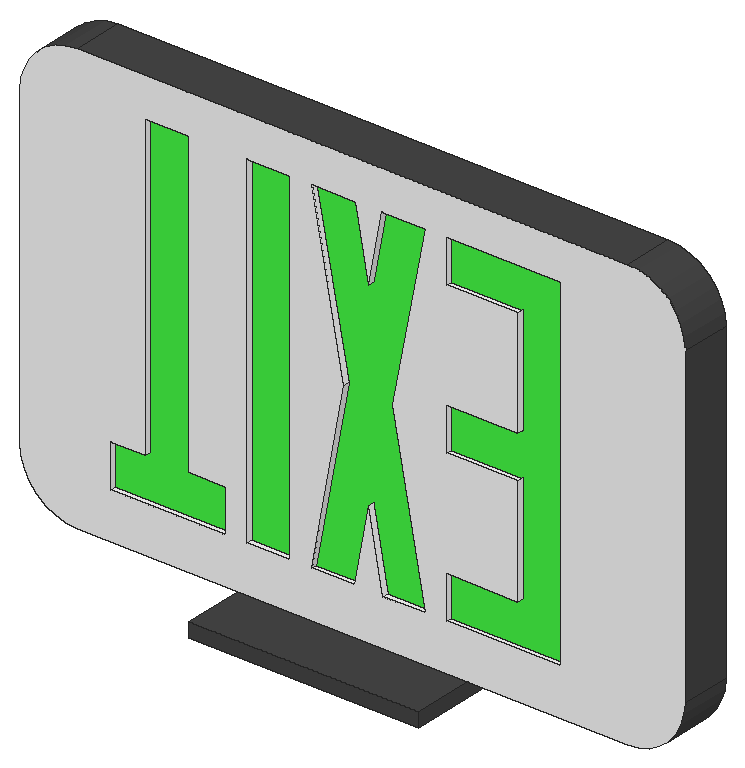
Revit family "CCE", category Lighting Fixtures, host Face, Revit 2012
Parameters (values of type "CCEDG")
  zz Length 1 = if(Double Face, 0.438", 0.250")  # 0.438"
  Wattage Comments = "1 W"  # constant formula
  Wattage = 9.2903 W
  built-in parameter 1150110 = 1 (stored number, unit not read)
  Voltage = if([120 Voltage], 120 V, 277 V)  # 120 V
  URL = "http://www.compasslightingproducts.com/"
  built-in parameter 1114217 = 1 (stored number, unit not read)
  Tilt Angle = 90.00°
  built-in parameter 1150109 = 1 (stored number, unit not read)
  built-in parameter 1150134 = 3
  built-in parameter 1150113 = 1 (stored number, unit not read)
  Single Face = no
  Product Page URL = "http://www.compasslightingproducts.com/products/cce/"
  Product Documentation Link = "http://www.compasslightingproducts.com/content/products/specs/specs_files/comp0004_spec_sht_cce.pdf"
  Photometric Web File = "generic"
  built-in parameter 1150142 = (empty or 0)
  Model = "CCEDG"
  Manufacturer Phone = "864-678-1000"  # constant formula
  Manufacturer Fax = "866-898-0131"  # constant formula
  Manufacturer = "Compass Lighting"  # constant formula
  built-in parameter 1150105 = 109.82 (stored number, unit not read)
  Lumens = 1380 lm
  built-in parameter 1150115 = 1 (stored number, unit not read)
  Load Classification = Lighting
  built-in parameter 1150137 = (empty or 0)
  built-in parameter 1150139 = (empty or 0)
  Lens = Hubbell - Green LED
  built-in parameter 1150112 = 1 (stored number, unit not read)
  built-in parameter 1150114 = 1 (stored number, unit not read)
  Lamp = "LED Lamp"  # constant formula
  built-in parameter 1150132 = (empty or 0)
  built-in parameter 1150102 = (empty or 0)
  built-in parameter 1150107 = 3200 (stored number, unit not read)
  built-in parameter 1150138 = (empty or 0)
  built-in parameter 1150106 = 1.0982 (stored number, unit not read)
  Housing Material = Hubbell - Black
  Finish = Hubbell - White
  Emit from Rectangle Width = 5.000"
  Emit from Rectangle Length = 5.000"
  Emit Shape Visible in Rendering = no
  built-in parameter 1150104 = 13.8 (stored number, unit not read)
  Double Face = not(Single Face)  # yes
  Dimming Lamp Color Temperature Shift = <None>
  Description = "Brushed Face, Black Housing, Double-Face, Green, AC"
  Default Elevation = 48.000"
  Color Filter = 16777215
  built-in parameter 1114218 = 1 (stored number, unit not read)
  built-in parameter 1150133 = 10 (stored number, unit not read)
  Assembly Code = "D5020200"
  Apparent Load = 1 VA  # constant formula
  277 Voltage = not([120 Voltage])  # no
  120 Voltage = yes
Types (8): name | zz Length 1 | Tilt Angle | Single Face | Model | Lens | Emit from Rectangle Width | Emit from Rectangle Length | Double Face | Description
  CCESRE | 0.250" | 60.00° | yes | "CCESRE" | Hubbell - Red LED | 24.000" | 48.000" | no | "Brushed Face, Black Housing, Single-Face, Red, Emergency"
  CCEDRE | 0.438" | 60.00° | no | "CCEDRE" | Hubbell - Red LED | 7.750" | 11.000" | yes | "Brushed Face, Black Housing, Double-Face, Red, Emergency"
  CCESGE | 0.250" | 60.00° | yes | "CCESGE" | Hubbell - Green LED | 24.000" | 48.000" | no | "Brushed Face, Black Housing, Single-Face, Green, Emergency"
  CCEDGE | 0.438" | 60.00° | no | "CCEDGE" | Hubbell - Green LED | 24.000" | 48.000" | yes | "Brushed Face, Black Housing, Double-Face, Green, Emergency"
  CCESR | 0.250" | 0.00° | yes | "CCESR" | Hubbell - Red LED | 7.000" | 10.000" | no | "Brushed Face, Black Housing, Single-Face, Red, AC"
  CCEDR | 0.438" | 60.00° | no | "CCEDR" | Hubbell - Red LED | 24.000" | 48.000" | yes | "Brushed Face, Black Housing, Double-Face, Red, AC"
  CCESG | 0.250" | 60.00° | yes | "CCESG" | Hubbell - Green LED | 24.000" | 48.000" | no | "Brushed Face, Black Housing, Single-Face, Green, AC"
  CCEDG | 0.438" | 90.00° | no | "CCEDG" | Hubbell - Green LED | 5.000" | 5.000" | yes | "Brushed Face, Black Housing, Double-Face, Green, AC"
Reference planes (in)
  plane 1 "Center (Front/Back)": y = 0
  plane 2: z = 0
  plane 3 "Center (Left/Right)": x = 0
  plane 4: x = -5.8
  plane 5: x = 5.8
  plane 6: y = 0.4375
  plane 7: y = -0.4375
  plane 8: z = 7.75
  plane 9: y = -1.5
  plane 10: y = 1.5625
  plane 11: x = -2
  plane 12: x = 2
  plane 13: z = 0.25
  plane 14: z = 7.06563
  plane 15: z = 1.06563
  plane 16: x = 3.63578
  plane 17: x = 1.63578
  plane 18: x = 1.27953
  plane 19: x = -0.72047
  plane 20: x = -2.22047
  plane 21: x = -4.22047
  plane 22: z = 7.06563
  plane 23: z = 1.06563
  plane 24: x = 3.63578
  plane 25: x = 1.63578
  plane 26: x = 1.27953
  plane 27: x = -0.72047
  plane 28: x = -2.22047
  plane 29: x = -4.22047
  plane 30: z = 7.06563
  plane 31: z = 1.06563
  plane 32: x = -3.63578
  plane 33: x = -1.63578
  plane 34: x = -1.27953
  plane 35: x = 0.72047
  plane 36: x = 2.22047
  plane 37: x = 4.22047
  plane 38: z = 7.06563
  plane 39: z = 1.06563
  plane 40: x = -3.63578
  plane 41: x = -1.63578
  plane 42: x = -1.27953
  plane 43: x = 0.72047
  plane 44: x = 2.22047
  plane 45: x = 4.22047
  plane 46: y = -0.3375
  plane 47: y = 0.3375
  plane 48: y = 0.0875
  plane 49: y = -0.0875
  plane 50: y = 0.438
Forms (in)
  Sweep 1, solid, material "Hubbell - White" <- "Finish"
    path origin (0, 0, 0) x (1, 0, 0) y (0, 1, 0)
      loop
        line (0, -0.4375) -> (0, 0.4375)
    profile origin (0, 0, 0) x (-1, 0, 0) y (0, 0, 1)
      loop
        arc (-4.8, 7.75) -> (-5.50711, 7.45711) -> (-5.8, 6.75) r 1
        line (-5.8, 6.75) -> (-5.8, 1.25)
        arc (-5.8, 1.25) -> (-5.50711, 0.54289) -> (-4.8, 0.25) r 1
        line (-4.8, 0.25) -> (4.8, 0.25)
        arc (4.8, 0.25) -> (5.50711, 0.54289) -> (5.8, 1.25) r 1
        line (5.8, 1.25) -> (5.8, 6.75)
        arc (5.8, 6.75) -> (5.50711, 7.45711) -> (4.8, 7.75) r 1
        line (4.8, 7.75) -> (-4.8, 7.75)
  Extrusion 2, solid, material "Hubbell - Black" <- "Housing Material"
    sketch origin (0, 0, 0) x (1, 0, 0) y (0, 0, 1)
      loop
        line (-2, 0.25) -> (-2, 0) -> (2, 0) -> (2, 0.25) -> (-2, 0.25)
    from -1.5625 to 1.5
  Extrusion 3, void
    sketch origin (-0.25, 0, 0) x (-1, 0, 0) y (0, 0, -1)
      loop
        line (-1.88578, -6.31563) -> (-3.13578, -6.31563) -> (-3.13578, -4.44063) -> (-1.88578, -4.44063) -> (-1.88578, -3.69063) -> (-3.13578, -3.69063) -> (-3.13578, -1.81563) -> (-1.88578, -1.81563) -> (-1.88578, -1.06563) -> (-3.88578, -1.06563) -> (-3.88578, -7.06563) -> (-1.88578, -7.06563) -> (-1.88578, -6.31563)
      loop
        line (0.47047, -7.06563) -> (-0.10196, -4.12075) -> (0.47047, -1.06563) -> (-0.27953, -1.06563) -> (-0.52953, -2.39991) -> (-0.77953, -1.06563) -> (-1.52953, -1.06563) -> (-0.9571, -4.12075) -> (-1.52953, -7.06563) -> (-0.75888, -7.06563) -> (-0.52953, -5.84158) -> (-0.30019, -7.06563) -> (0.47047, -7.06563)
      loop
        line (1.58918, -7.06563) -> (1.58918, -1.06563) -> (0.83918, -1.06563) -> (0.83918, -7.06563) -> (1.58918, -7.06563)
      loop
        line (3.36347, -7.06563) -> (3.36347, -1.81563) -> (3.97047, -1.81563) -> (3.97047, -1.06563) -> (1.97047, -1.06563) -> (1.97047, -1.81563) -> (2.61347, -1.81563) -> (2.61347, -7.06563) -> (3.36347, -7.06563)
    from 0.0875 to 0.4375
  Extrusion 4, solid, material "Hubbell - Green LED" <- "Lens"
    sketch origin (0, 0, 0) x (1, 0, 0) y (0, 0, 1)
      loop
        line (1.63578, 6.31563) -> (2.88578, 6.31563) -> (2.88578, 4.44063) -> (1.63578, 4.44063) -> (1.63578, 3.69063) -> (2.88578, 3.69063) -> (2.88578, 1.81563) -> (1.63578, 1.81563) -> (1.63578, 1.06563) -> (3.63578, 1.06563) -> (3.63578, 7.06563) -> (1.63578, 7.06563) -> (1.63578, 6.31563)
      loop
        line (-0.72047, 7.06563) -> (-0.14804, 4.12075) -> (-0.72047, 1.06563) -> (0.02953, 1.06563) -> (0.27953, 2.39991) -> (0.52953, 1.06563) -> (1.27953, 1.06563) -> (0.7071, 4.12075) -> (1.27953, 7.06563) -> (0.50888, 7.06563) -> (0.27953, 5.84158) -> (0.05019, 7.06563) -> (-0.72047, 7.06563)
      loop
        line (-1.83918, 7.06563) -> (-1.83918, 1.06563) -> (-1.08918, 1.06563) -> (-1.08918, 7.06563) -> (-1.83918, 7.06563)
      loop
        line (-3.61347, 7.06563) -> (-3.61347, 1.81563) -> (-4.22047, 1.81563) -> (-4.22047, 1.06563) -> (-2.22047, 1.06563) -> (-2.22047, 1.81563) -> (-2.86347, 1.81563) -> (-2.86347, 7.06563) -> (-3.61347, 7.06563)
    from 0.0875 to 0.3375
  Extrusion 5, solid, material "Hubbell - Green LED" <- "Lens", visible <- "Double Face"
    sketch origin (0, 0, 0) x (-1, 0, 0) y (0, 0, 1)
      loop
        line (1.63578, 6.31563) -> (2.88578, 6.31563) -> (2.88578, 4.44063) -> (1.63578, 4.44063) -> (1.63578, 3.69063) -> (2.88578, 3.69063) -> (2.88578, 1.81563) -> (1.63578, 1.81563) -> (1.63578, 1.06563) -> (3.63578, 1.06563) -> (3.63578, 7.06563) -> (1.63578, 7.06563) -> (1.63578, 6.31563)
      loop
        line (-0.72047, 7.06563) -> (-0.14804, 4.12075) -> (-0.72047, 1.06563) -> (0.02953, 1.06563) -> (0.27953, 2.39991) -> (0.52953, 1.06563) -> (1.27953, 1.06563) -> (0.7071, 4.12075) -> (1.27953, 7.06563) -> (0.50888, 7.06563) -> (0.27953, 5.84158) -> (0.05019, 7.06563) -> (-0.72047, 7.06563)
      loop
        line (-1.83918, 7.06563) -> (-1.83918, 1.06563) -> (-1.08918, 1.06563) -> (-1.08918, 7.06563) -> (-1.83918, 7.06563)
      loop
        line (-3.61347, 7.06563) -> (-3.61347, 1.81563) -> (-4.22047, 1.81563) -> (-4.22047, 1.06563) -> (-2.22047, 1.06563) -> (-2.22047, 1.81563) -> (-2.86347, 1.81563) -> (-2.86347, 7.06563) -> (-3.61347, 7.06563)
    from 0.0875 to 0.3375
  Extrusion 6, void
    sketch origin (0.25, 0, 0) x (1, 0, 0) y (0, 0, -1)
      loop
        line (-1.88578, -6.31563) -> (-3.13578, -6.31563) -> (-3.13578, -4.44063) -> (-1.88578, -4.44063) -> (-1.88578, -3.69063) -> (-3.13578, -3.69063) -> (-3.13578, -1.81563) -> (-1.88578, -1.81563) -> (-1.88578, -1.06563) -> (-3.88578, -1.06563) -> (-3.88578, -7.06563) -> (-1.88578, -7.06563) -> (-1.88578, -6.31563)
      loop
        line (0.47047, -7.06563) -> (-0.10196, -4.12075) -> (0.47047, -1.06563) -> (-0.27953, -1.06563) -> (-0.52953, -2.39991) -> (-0.77953, -1.06563) -> (-1.52953, -1.06563) -> (-0.9571, -4.12075) -> (-1.52953, -7.06563) -> (-0.75888, -7.06563) -> (-0.52953, -5.84158) -> (-0.30019, -7.06563) -> (0.47047, -7.06563)
      loop
        line (1.58918, -7.06563) -> (1.58918, -1.06563) -> (0.83918, -1.06563) -> (0.83918, -7.06563) -> (1.58918, -7.06563)
      loop
        line (3.36347, -7.06563) -> (3.36347, -1.81563) -> (3.97047, -1.81563) -> (3.97047, -1.06563) -> (1.97047, -1.06563) -> (1.97047, -1.81563) -> (2.61347, -1.81563) -> (2.61347, -7.06563) -> (3.36347, -7.06563)
    from 0.0875 to 0.438
Cuts and joins
  Extrusion 3, Extrusion 6 cuts Sweep 1
Dimensions and locks (in)
  equal spacing: plane 5, plane 3 "Center (Left/Right)", plane 4
  locked: plane 3 "Center (Left/Right)" to plane 4 at 5.8
  equal spacing: plane 6, plane 1 "Center (Front/Back)", plane 7
  plane 6 to plane 7 = 0.875"
  plane 8 to level = 7.750"
  equal spacing: plane 4, plane 3 "Center (Left/Right)", plane 5
  plane 4 to plane 3 "Center (Left/Right)" = 5.800"
  plane 9 to plane 1 "Center (Front/Back)" = 1.500"
  equal spacing: plane 11, plane 3 "Center (Left/Right)", plane 12
  plane 11 to plane 3 "Center (Left/Right)" = 2.000"
  locked: plane 13 to level at 0.25
  "zz Length 1": plane 50 to plane 1 "Center (Front/Back)"
  aligned and locked: plane 2 to host face
  aligned and locked: level to host face
  aligned and locked: plane 3 "Center (Left/Right)" to Sweep 1 sketch curve
  aligned and locked: Sweep 1 sketch curve to plane 8
  aligned and locked: Sweep 1 sketch curve to plane 5
  aligned and locked: plane 4 to Sweep 1 sketch curve
  aligned and locked: Extrusion 2 to plane 10
  aligned and locked: plane 9 to Extrusion 2
  aligned and locked: Extrusion 2 to level
  aligned and locked: plane 6 to Sweep 1 sketch curve
  aligned and locked: plane 7 to Sweep 1 sketch curve
  aligned and locked: plane 7 to Extrusion 3
  aligned and locked: plane 48 to Extrusion 5
  aligned and locked: Extrusion 5 to plane 47
  aligned and locked: Extrusion 6 to Extrusion 5
  aligned and locked: Extrusion 3 to plane 49
  aligned and locked: Extrusion 4 to plane 49
  aligned and locked: plane 46 to Extrusion 4
  aligned and locked: Extrusion 6 to plane 50
  aligned and locked: plane 11 to Extrusion 2 sketch curve
  aligned and locked: Extrusion 2 sketch curve to plane 13
  aligned and locked: plane 2 to Extrusion 2 sketch curve
  aligned and locked: Extrusion 2 sketch curve to plane 12
  aligned and locked: plane 1 "Center (Front/Back)" to imposter light
Automatic sketch dimensions
  host sketch curve to host sketch curve = 96.000"  (x2)
  plane 2 to Sweep 1 sketch curve = 0.250"
  Sweep 1 sketch curve to Sweep 1 sketch curve = 1.000"  (x4)
  Extrusion 3 sketch curve to plane 15 = 0.000"  (x5)
  Extrusion 3 sketch curve to plane 16 = 0.000"
  Extrusion 3 sketch curve to plane 17 = 0.000"  (x3)
  Extrusion 3 sketch curve to plane 14 = 0.000"  (x5)
  Extrusion 3 sketch curve to plane 18 = 0.000"  (x2)
  Extrusion 3 sketch curve to plane 19 = 0.000"  (x2)
  Extrusion 3 sketch curve to plane 20 = 0.000"
  Extrusion 3 sketch curve to plane 21 = 0.000"
  Extrusion 3 sketch curve to plane 16 = 0.750"
  Extrusion 3 sketch curve to Extrusion 3 sketch curve = 0.000"  (x2)
  Extrusion 3 sketch curve to plane 18 = 0.57243"
  plane 3 "Center (Left/Right)" to Extrusion 3 sketch curve = 0.52953"
  plane 3 "Center (Left/Right)" to Extrusion 3 sketch curve = 0.50888"
  plane 3 "Center (Left/Right)" to Extrusion 3 sketch curve = 0.27953"  (x2)
  plane 3 "Center (Left/Right)" to Extrusion 3 sketch curve = 0.05019"
  plane 3 "Center (Left/Right)" to Extrusion 3 sketch curve = 0.02953"
  Extrusion 3 sketch curve to plane 3 "Center (Left/Right)" = 0.14804"
  Extrusion 3 sketch curve to plane 19 = 0.36871"
  plane 11 to Extrusion 3 sketch curve = 0.16082"
  Extrusion 3 sketch curve to plane 20 = 0.643"
  plane 21 to Extrusion 3 sketch curve = 0.607"
  Extrusion 3 sketch curve to Extrusion 3 sketch curve = 0.750"  (x4)
  plane 14 to Extrusion 3 sketch curve = 1.22405"
  Extrusion 3 sketch curve to Extrusion 3 sketch curve = 1.875"
  Extrusion 3 sketch curve to Extrusion 3 sketch curve = 1.72084"
  Extrusion 3 sketch curve to plane 15 = 1.33428"
  Extrusion 3 sketch curve to plane 15 = 0.750"
  Extrusion 4 sketch curve to plane 23 = 0.000"  (x5)
  Extrusion 4 sketch curve to plane 29 = 0.000"
  Extrusion 4 sketch curve to plane 22 = 0.000"  (x5)
  Extrusion 4 sketch curve to plane 28 = 0.000"
  Extrusion 4 sketch curve to plane 27 = 0.000"  (x2)
  Extrusion 4 sketch curve to plane 26 = 0.000"  (x2)
  Extrusion 4 sketch curve to plane 25 = 0.000"  (x3)
  Extrusion 4 sketch curve to plane 24 = 0.000"
  plane 29 to Extrusion 4 sketch curve = 0.607"
  Extrusion 4 sketch curve to plane 28 = 0.643"
  plane 11 to Extrusion 4 sketch curve = 0.16082"
  Extrusion 4 sketch curve to Extrusion 4 sketch curve = 0.36871"
  Extrusion 4 sketch curve to plane 3 "Center (Left/Right)" = 0.14804"
  plane 3 "Center (Left/Right)" to Extrusion 4 sketch curve = 0.02953"
  plane 3 "Center (Left/Right)" to Extrusion 4 sketch curve = 0.05019"
  plane 3 "Center (Left/Right)" to Extrusion 4 sketch curve = 0.27953"  (x2)
  Extrusion 4 sketch curve to Extrusion 4 sketch curve = 0.45869"
  Extrusion 4 sketch curve to Extrusion 4 sketch curve = 0.500"
  Extrusion 4 sketch curve to plane 26 = 0.57243"
  Extrusion 4 sketch curve to plane 24 = 0.750"
  Extrusion 4 sketch curve to Extrusion 4 sketch curve = 0.000"  (x3)
  Extrusion 4 sketch curve to plane 23 = 0.750"  (x2)
  Extrusion 4 sketch curve to plane 23 = 1.33428"
  Extrusion 4 sketch curve to Extrusion 4 sketch curve = 1.875"
  Extrusion 4 sketch curve to Extrusion 4 sketch curve = 0.43012"
  Extrusion 4 sketch curve to Extrusion 4 sketch curve = 0.750"
  plane 22 to Extrusion 4 sketch curve = 1.22405"
  plane 22 to Extrusion 4 sketch curve = 0.750"
  Extrusion 5 sketch curve to plane 31 = 0.000"  (x5)
  plane 37 to Extrusion 5 sketch curve = 0.000"
  Extrusion 5 sketch curve to plane 30 = 0.000"  (x5)
  plane 36 to Extrusion 5 sketch curve = 0.000"
  plane 35 to Extrusion 5 sketch curve = 0.000"  (x2)
  plane 34 to Extrusion 5 sketch curve = 0.000"  (x2)
  plane 33 to Extrusion 5 sketch curve = 0.000"  (x3)
  plane 32 to Extrusion 5 sketch curve = 0.000"
  plane 37 to Extrusion 5 sketch curve = 0.607"
  Extrusion 5 sketch curve to plane 36 = 0.643"
  Extrusion 5 sketch curve to plane 12 = 0.16082"
  Extrusion 5 sketch curve to Extrusion 5 sketch curve = 0.36871"
  plane 3 "Center (Left/Right)" to Extrusion 5 sketch curve = 0.14804"
  Extrusion 5 sketch curve to plane 3 "Center (Left/Right)" = 0.02953"
  Extrusion 5 sketch curve to plane 3 "Center (Left/Right)" = 0.05019"
  Extrusion 5 sketch curve to plane 3 "Center (Left/Right)" = 0.27953"  (x2)
  Extrusion 5 sketch curve to Extrusion 5 sketch curve = 0.45869"
  Extrusion 5 sketch curve to Extrusion 5 sketch curve = 0.500"
  Extrusion 5 sketch curve to plane 34 = 0.57243"
  Extrusion 5 sketch curve to plane 32 = 0.750"
  Extrusion 5 sketch curve to Extrusion 5 sketch curve = 0.000"  (x3)
  Extrusion 5 sketch curve to plane 31 = 0.750"  (x2)
  Extrusion 5 sketch curve to plane 31 = 1.33428"
  Extrusion 5 sketch curve to Extrusion 5 sketch curve = 1.875"
  Extrusion 5 sketch curve to Extrusion 5 sketch curve = 0.43012"
  Extrusion 5 sketch curve to Extrusion 5 sketch curve = 0.750"
  plane 30 to Extrusion 5 sketch curve = 1.22405"
  plane 30 to Extrusion 5 sketch curve = 0.750"
  Extrusion 6 sketch curve to plane 39 = 0.000"  (x5)
  plane 40 to Extrusion 6 sketch curve = 0.000"
  plane 41 to Extrusion 6 sketch curve = 0.000"  (x3)
  Extrusion 6 sketch curve to plane 38 = 0.000"  (x5)
  plane 42 to Extrusion 6 sketch curve = 0.000"  (x2)
  plane 43 to Extrusion 6 sketch curve = 0.000"  (x2)
  plane 44 to Extrusion 6 sketch curve = 0.000"
  plane 45 to Extrusion 6 sketch curve = 0.000"
  Extrusion 6 sketch curve to plane 40 = 0.750"
  Extrusion 6 sketch curve to Extrusion 6 sketch curve = 0.000"  (x2)
  Extrusion 6 sketch curve to plane 42 = 0.57243"
  Extrusion 6 sketch curve to plane 3 "Center (Left/Right)" = 0.52953"
  Extrusion 6 sketch curve to plane 3 "Center (Left/Right)" = 0.50888"
  Extrusion 6 sketch curve to plane 3 "Center (Left/Right)" = 0.27953"  (x2)
  Extrusion 6 sketch curve to plane 3 "Center (Left/Right)" = 0.05019"
  Extrusion 6 sketch curve to plane 3 "Center (Left/Right)" = 0.02953"
  plane 3 "Center (Left/Right)" to Extrusion 6 sketch curve = 0.14804"
  Extrusion 6 sketch curve to plane 43 = 0.36871"
  Extrusion 6 sketch curve to plane 12 = 0.16082"
  Extrusion 6 sketch curve to plane 44 = 0.643"
  plane 45 to Extrusion 6 sketch curve = 0.607"
  Extrusion 6 sketch curve to Extrusion 6 sketch curve = 0.750"  (x4)
  plane 38 to Extrusion 6 sketch curve = 1.22405"
  Extrusion 6 sketch curve to Extrusion 6 sketch curve = 1.875"
  Extrusion 6 sketch curve to Extrusion 6 sketch curve = 1.72084"
  Extrusion 6 sketch curve to plane 39 = 1.33428"
  Extrusion 6 sketch curve to plane 39 = 0.750"
Connectors (in)
  electrical at (0, 0.03125, 0), driven by "Load Classification", driven by "Voltage", driven by "Apparent Load", driven by "Description"
    settings: on Extrusion 2, index 1, voltage 120 V, apparent load 0 VA, apparent load phase1 1 VA, apparent load phase2 0 VA, apparent load phase3 0 VA, power factor 1, load classification "Lighting", number of poles 1, system type 30, power factor state 1, is connector primary yes, connector utility no, sub classification motor no, connector description "Brushed Face, Black Housing, Double-Face, Green, AC"
